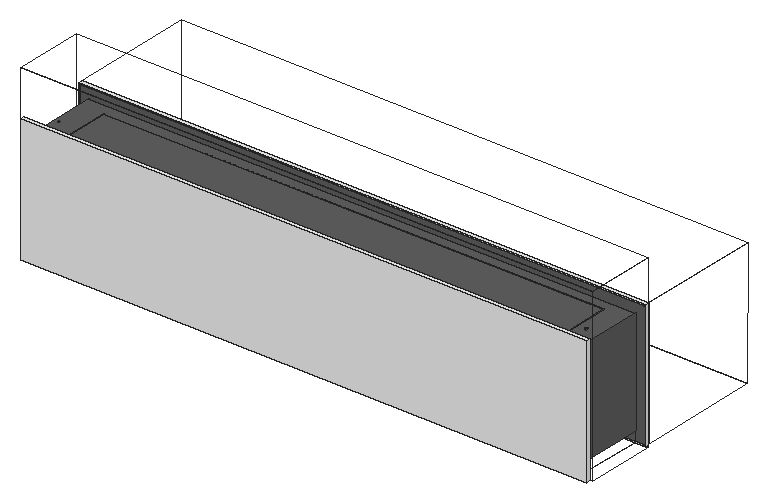
Revit family "AIRTECNICS_AIR CURTAIN_ZEN_DX_(MIDEA)123", category Mechanical Equipment, Revit 2016
Family settings
  Part Type = Normal
  Round Connector Dimension = Use Diameter
  OmniClass Number = 23.75.70.21.17
  OmniClass Title = Air Curtains
  Work Plane-Based = No
  Always vertical = Yes
  Cut with Voids When Loaded = No
  Shared = No
  Room Calculation Point = No
Parameters (values of type "ZEN ECG 2000 DX-MD")
  · POSITION · [instance] = "-/ Select Curtain Position /-"  # constant formula
  · PIPES POSITION · [instance] = "-/ Select Pipes Position /-"  # constant formula
  · OTHERS · [instance] = "-/ Select Supports - Inst.Maint. Space /-"  # constant formula
  · HEATING · [instance] = "-/ Select Heating /-"  # constant formula
  · EXTERNAL UNIT · [instance] = "-/ Select External Unit Type /-"  # constant formula
  · COIL ROWS · [instance] = "-/ Select DX Coil Rows /-"  # constant formula
  Weight [instance] = size_lookup(Name_Lookup_Data, "Weight", 1.00 kg, COD)  # 78.00 kg
  Voltage = 230 V  # constant formula
  URL_Manufacturer = "https://www.airtecnics.com/"
  URL_Datasheet = "https://www.airtecnics.com/download/file/5887/zen-dx-midea-1-1.pdf"
  Triple Phase (External Ut.) [instance] = yes
  Supports Length [instance] = 0.0 mm
  Supports (Horizontal) [instance] = if(and(Horizontal, Supports Length > 0.0 mm), 1 = 1, 1 = 0)  # no
  Single Phase (External Ut.) [instance] = not([Triple Phase (External Ut.)])  # no
  Revit Version = "Revit 2016 - English"  # constant formula
  Review Date = "10/2018"  # constant formula
  Remote Control = "AIR-IR"  # constant formula
  URL = "https://www.airtecnics.com/products/heat-pump-air-curtain-zen-dx-for-midea"
  Refrigerant Pipes_P4 [instance] = no
  Refrigerant Pipes_P3 [instance] = no
  Refrigerant Pipes_P2 [instance] = if(or(Refrigerant Pipes_P1, Refrigerant Pipes_P3, Refrigerant Pipes_P4), 1 = 0, 1 = 1)  # yes
  Refrigerant Pipes_P1 [instance] = no
  REF [instance] = if(DX 1:1, 1, 0) + if(L = 1000.0 mm, 10, 0) + if(L = 1500.0 mm, 20, 0) + if(L = 2000.0 mm, 40, 0) + if(L = 2500.0 mm, 80, 0) + if([DX Coil Rows = 3], 100, 0) + if([Triple Phase (External Ut.)], 1000, 0)  # 1041
  Product Size = if(L = 1000.0 mm, "1000", if(L = 1500.0 mm, "1500", if(L = 2000.0 mm, "2000", "2500")))  # "2000"
  Product Reference [instance] = size_lookup(Name_Lookup_Ref, "", "Consult Manufacturer", COD)  # "ZEN ECG 2000 DX22/2-MD"
  Product Heating [instance] = "Direct Expansion 1:1 system"  # constant formula
  Product Description [instance] = size_lookup(Name_Lookup_Data, "", "Consult Manufacturer", COD)  # "Decorative energy saving heat pump air curtain in contemporary architectural style: Up to 70% reduction in costs and CO2 emissions (heating mode).\r\nIts minimalist and smart design integrates in any environment and offers infinite options to customize.\r\nThe panels can include logos, lighting, signage, safety or information signs, graphics, pictures, clocks, all according to customer specifications.\r\nFront anodized aluminium panels. Optionally manufactured in brushed or mirror polished stainless steel. Other materials are possible, such as galvanized steel, smooth or texturated skinplate, wood, etc.\r\nCentral structure made of galvanized steel finished in black forge as standard. Other colours are available on request. \r\nAnodized aluminium outlet vanes, airfoil shaped, adjustable in both directions.\r\nDouble-inlet centrifugal fans driven by an external rotor motor and low noise level. 5-speed selector. EC models assembled with very low consumption efficiency fans. \r\nIncludes only heating direct expansion coil with installed temperature sensors.\r\nIncludes Plug&Play control with 7m RJ45 cable and infrared remote control. \r\nReady to connect to MIDEA Inverter outdoor heat pump unit (R410A) with expansion valve, not included, the customer should purchase it.\r\nRequires MIDEA DX Interface KIT adapted for air curtain and KJR-86C-E programmable control, please consult.\r\nAir Volume: 4380 m3/h \r\nFans:  0,426 kW  3,72 A 230Vx1 50/60Hz\r\nHeating capacity: 22,20 kW\r\nDimensions: 291x473x2120 mm (depth, height, length)\r\nNOT SUPPLIED BY AIRTÈCNICS:\r\nMIDEA Interface DX kit and KJR-86C-E programmable control.\r\nExternal unit:\r\nOption 1: 2x MOD30U-36HFN1-QRD0\r\nExternal unit with direct expansion valve Midea, single phase motor 230Vx1 50Hz.\r\nHeating capacity 11,1kW. Heating power: 2,9kW. SCOP 3,82.\r\nCooling capacity 10,5kW. Cooling power 3,95kW. SEER 2,65.\r\nCooling circuits 5/8\" - 3/8\".\r\nMaximum length 65m.\r\nDesnivell màxim 30m.\r\nOption 2: 2x MOD30U-36HFN1-RRD0\r\nExternal unit with direct expansion valve Midea, triple phase motor 400Vx3 50Hz.\r\nHeating capacity 11,1kW. Heating power: 2,9kW. SCOP 3,82.\r\nCooling capacity 10,5kW. Cooling power 3,95kW. SEER 2,65.\r\nCooling circuits 5/8\" - 3/8\".\r\nMaximum length 65m.\r\nDesnivell màxim 30m."
  Power Fans Factor [instance] = 0.5  # constant formula
  Power Fans [instance] = size_lookup(Name_Lookup_Data, "Power Fans", 1 kW, COD)  # 0.426 kW
  Noise Level (dB(A)) [instance] = size_lookup(Name_Lookup_Data, "Noise Level (dB(A))", 1, COD)  # 63
  Name_Lookup_Ref_EU = "ZEN_(DX MD)_Ref-EU_Lookup"  # constant formula
  Name_Lookup_Ref = "ZEN_(DX MD)_Ref_Lookup"  # constant formula
  Name_Lookup_Data = "ZEN_(DX MD)_Data_Lookup"  # constant formula
  Model = "Air Curtain ZEN DX MD"  # constant formula
  Material Panels [instance] = AIRTECNICS_Alumium Anodized
  Material Grille = AIRTECNICS_Perforated_Black Forge
  Material Curtain [instance] = AIRTECNICS_Black Forge
  Mainfolds [instance] = "5/8'' & 3/8''"  # constant formula
  Length = if(L = 1000.0 mm, 1220.0 mm, if(L = 1500.0 mm, 1620.0 mm, if(L = 2000.0 mm, 2120.0 mm, 2620.0 mm)))  # 2120.0 mm
  Height = 473.0 mm  # constant formula
  Gas Coil Volume [instance] = size_lookup(Name_Lookup_Data, "Gas Coil Volume", 1.00 L, COD)  # 4.10 L
  G = 1 = 1  # yes
  Frequency = 50 Hz  # constant formula
  Fans Stage = 5  # constant formula
  Family Version = "1.0"  # constant formula
  External Ut. Reference [instance] = size_lookup(Name_Lookup_Ref_EU, "", "Consult Manufacturer", REF)  # "2x MOD30U-36HFN1-RRD0"
  Expansion Valve [instance] = "Included on External Unit"  # constant formula
  EC = 1 = 1  # yes
  Dn_Metric_Refrig_Liquid = 10 mm
  Dn_Metric_Refrig_Gas = 16 mm
  Depth = 291.0 mm  # constant formula
  DX Kit [instance] = "Duct electronic Control Box"  # constant formula
  DX Controller [instance] = "KJR-86C-E"  # constant formula
  DX Coil Rows = 4 [instance] = yes
  DX Coil Rows = 3 [instance] = if([DX Coil Rows = 4], 1 = 0, 1 = 1)  # no
  DX 1:1 [instance] = yes
  Current Fans [instance] = size_lookup(Name_Lookup_Data, "Current Fans", 1 A, COD)  # 3.72 A
  Created by = "BIMETRICAL"  # constant formula
  Control [instance] = "CD-5AW-IR"  # constant formula
  Capacity_Frig_Liquid [instance] = 0.0 L/s
  Capacity_Frig_Gas [instance] = 0.0 L/s
  Cable = "CB7"  # constant formula
  COD [instance] = if(DX 1:1, 1, 0) + if(L = 1000.0 mm, 10, 0) + if(L = 1500.0 mm, 20, 0) + if(L = 2000.0 mm, 40, 0) + if(L = 2500.0 mm, 80, 0) + if([DX Coil Rows = 3], 100, 0)  # 41
  Aspiration/Maintenance Space [instance] = yes
  Apparent Load [instance] = size_lookup(Name_Lookup_Data, "Apparent Load", 1 VA, COD)  # 852 VA
  Airflow [instance] = size_lookup(Name_Lookup_Data, "Airflow", 1 m³/h, COD)  # 4380 m³/h
  A [instance] = if(Horizontal, 236.5 mm, 0.0 mm)  # 236.5 mm
  L = 2000.0 mm
  Type Image = <None>
  IfcExportType = "DXCOOLINGCOIL"  # constant formula
  IfcExportAs = "IfcCoilType"  # constant formula
  Horizontal [instance] = 1 = 1  # yes
  Manufacturer = "AIRTECNICS"  # constant formula
  Description = ""
  Type Comments = "Decorative air curtain in contemporary architectural style. Its minimalist and smart design integrates in any environment and offers infinite options to customize.\r\nThe panels can include logos, lighting, signage, safety or information signs, graphics, pictures, clocks, all according to customer specifications.\r\nFront anodized aluminium panels. Optionally manufactured in brushed or mirror polished stainless steel. Other materials are possible, such as galvanized steel, smooth or texturated skinplate, wood, etc.\r\nCentral structure made of galvanized steel finished in black forge as standard. Other colours are available on request.\r\nAnodized aluminium outlet vanes, airfoil shaped, adjustable in both directions.\r\nDouble-inlet centrifugal fans driven by an external rotor motor and low noise level. 5-speed selector. EC models assembled with very low consumption efficiency fans.\r\n“P” type with water heated coil. “E” type with electrical shielded elements, three stages with integrated regulation. “A” type without heating, air only. Optional expansion DX coil.\r\nIncludes Plug&Play control with 7m RJ45 cable and infrared remote control. Optional: Clever control (programmable, automatic, intelligent, energy saving, Modbus RTU for BMS…)"  # constant formula
  BIMETRICAL Category = "Coil"  # constant formula
  BIMETRICAL = "http://www.bimetrical.com"  # constant formula
  Angle [instance] = if(Horizontal, 0.00°, 90.00°)  # 0.00°
Reference planes
  plane 1 "Centro (Frontal/Posterior)": z = 0
  plane 2: y = 246.57
  plane 3 "Centro (Izquierda/Derecha)": x = 0
  plane 4 "Susp": z = 236.5
Lines and regions (mm)
  reference lines
    curve 1: line (0, 246.57, 236.5) -> (-145, 246.57, 236.5)
Dimensions and locks
  locked: plane 2 to nested 1 at 145.5
  "A": plane 4 "Susp" to plane 1 "Centro (Frontal/Posterior)"
  "Angle": angle plane 4 "Susp" to curve 1
  aligned and locked: plane 3 "Centro (Izquierda/Derecha)" to curve 1
  aligned and locked: plane 4 "Susp" to curve 1
Nested families
  nested 1: "GEOM_ZEN_(DX)" at (0, 246.57, 236.5) x (0, 0, -1) z (1, 0, 0), type "GEOM_ZEN_(P)"
    with M 2066.5 mm, J 1014.0 mm, G 1022.0 mm, Dn_Metric_Refrig_Liquid 10 mm, Dn_Metric_Refrig_Gas 16 mm, COD 424, L 2000.0 mm, I 2044.0 mm, F 1990.0 mm, E 2120.0 mm, A 2015.0 mm
Connectors
  electrical at (-1007.5, 215.07, 433), driven by "Apparent Load", driven by "Voltage", driven by "Power Fans Factor", driven by "Apparent Load"
    settings: on nested 1, index 3, voltage 230 V, apparent load 852 VA, apparent load phase1 852 VA, apparent load phase2 0 VA, apparent load phase3 0 VA, power factor 0.5, load classification "HVAC", number of poles 1, system type 30, power factor state 1, is connector primary yes, connector utility no, sub classification motor no, connector description ""
  piping at (967, 155.07, 433), diameter 16, driven by "Dn_Metric_Refrig_Gas", driven by "Capacity_Frig_Gas"
    settings: on nested 1, index 4, connector inside diameter 609.6 mm, connector length 0.0 mm, flow factor 0, pipe flow 0.0 L/s, pressure drop 0.0 Pa, fitting loss kfactor 0, connector angle 0.00°, fixture units 0, engagement length 0.0 mm, angle of deflection 0.00°, flow configuration 1, flow direction 1, fitting loss method 0, system type 7, joint type 0, gender type 0, connector reference index -1, connector utility 0, adjustable connector no, is connector primary yes, connector description "In"
  piping at (967, 215.07, 433), diameter 10, driven by "Dn_Metric_Refrig_Liquid", driven by "Capacity_Frig_Liquid"
    settings: on nested 1, index 5, connector inside diameter 609.6 mm, connector length 0.0 mm, flow factor 0, pipe flow 0.0 L/s, pressure drop 0.0 Pa, fitting loss kfactor 0, connector angle 0.00°, fixture units 0, engagement length 0.0 mm, angle of deflection 0.00°, flow configuration 1, flow direction 2, fitting loss method 0, system type 8, joint type 0, gender type 0, connector reference index -1, connector utility 0, adjustable connector no, is connector primary no, connector description "Out"
Definition of nested family "GEOM_ZEN_(DX)"
  Parameters (values of type "GEOM_ZEN_(DX)")
    des.D = if(or(and(Vertical Right, V1), Horizontal), 361.0 mm, 0.0 mm)  # 361.0 mm
    des.C = if(or(and(Vertical Right, V1), Horizontal), 0.0 mm, 392.0 mm)  # 0.0 mm
    des.B = if(or(and(Vertical Right, V1), Horizontal), 0.0 mm, 298.3 mm)  # 0.0 mm
    Z = if(Horizontal, 0.0 mm, if(L = 1000.0 mm, E / 2 + 18.0 mm, E / 2 + 20.0 mm))  # 830.0 mm
    Vsup1 = if(and(Vsup, Horizontal, L_Sup > 0.0 mm), 1 = 1, 1 = 0)  # no
    Vsup = no
    Vs2 = if(L > 2000.0 mm, 1 = 1, 1 = 0)  # no
    Vs1 = if(L > 1000.0 mm, 1 = 1, 1 = 0)  # yes
    Vinst2 = if(or(Vinst1, not([Aspiration/Maintenance Space])), 1 = 0, 1 = 1)  # yes
    Vinst1 = if(and([Aspiration/Maintenance Space], V2), 1 = 1, 1 = 0)  # no
    Vertical Right = yes
    Vertical Left = if(Vertical Right, 1 = 0, 1 = 1)  # no
    Vertical = if(and(not(Horizontal), or(Vertical Right, Vertical Left)), 1 = 1, 1 = 0)  # yes
    V2 = if(Horizontal, 1 = 0, if(or(Horizontal, Vertical Left), 1 = 1, 1 = 0))  # no
    V1 = if(Horizontal, 1 = 1, if(and(Vertical Right, Vertical), 1 = 1, 1 = 0))  # yes
    Revit Version = "Revit 2016 - English"  # constant formula
    Review Date = "10/18"  # constant formula
    Refrigerant Pipes_P4 = no
    Refrigerant Pipes_P3 = no
    Refrigerant Pipes_P2 = yes
    Refrigerant Pipes_P1 = no
    O = if(L = 1000.0 mm, 54.5 mm, 52.5 mm)  # 52.5 mm
    Model = "ZEN DX"  # constant formula
    Material Perforated = none
    Material Panels = none
    Material Curtain = none
    Family Version = "2.0"  # constant formula
    Manufacturer = "AIRTECNICS"  # constant formula
    M = if(L = 1000.0 mm, L + 162.5 mm, L + 66.5 mm)  # 1566.5 mm
    Lookup_Dimensions.C2_Name = "C2_Dimensions_Lookup"  # constant formula
    Lookup_Dimensions.C1_Name = "C1_Dimensions_Lookup"  # constant formula
    L_Sup = 0.0 mm
    K = if(L = 2500.0 mm, 833.0 mm, 0.0 mm)  # 0.0 mm
    J = if(L = 1500.0 mm, 764.0 mm, if(L = 2000.0 mm, 1014.0 mm, if(L = 2500.0 mm, 847.0 mm, 573.5 mm)))  # 764.0 mm
    H = des.A + 51.0 mm  # 428.5 mm
    G = if(Vertical, I + 58.0 mm, F / 2 + 27.0 mm)  # 1602.0 mm
    Dn_Metric_Refrig_Liquid = 20 mm
    Dn_Metric_Refrig_Gas = 20 mm
    Created by = "BIMETRICAL"  # constant formula
    COD = if(and(Vertical Right, Vertical), 1, 0) + if(and(Vertical Left, Vertical), 2, 0) + if(Horizontal, 4, 0) + if(Refrigerant Pipes_P1, 10, 0) + if(Refrigerant Pipes_P2, 20, 0) + if(Refrigerant Pipes_P3, 40, 0) + if(Refrigerant Pipes_P4, 80, 0) + if(L = 1000.0 mm, 100, 0) + if(L = 1500.0 mm, 200, 0) + if(L = 2000.0 mm, 400, 0) + if(L = 2500.0 mm, 800, 0)  # 221
    C2_D = size_lookup(Lookup_Dimensions.C2_Name, "C2_D", 98.0 mm, COD)  # 98.0 mm
    C2_C = size_lookup(Lookup_Dimensions.C2_Name, "C2_C", 34.5 mm, COD)  # 34.5 mm
    C2_B = size_lookup(Lookup_Dimensions.C2_Name, "C2_B", 34.5 mm, COD)  # 34.5 mm
    C2_A = size_lookup(Lookup_Dimensions.C2_Name, "C2_A", 55.0 mm, COD)  # 55.0 mm
    C1_D = size_lookup(Lookup_Dimensions.C1_Name, "C1_D", 38.0 mm, COD)  # 38.0 mm
    C1_C = size_lookup(Lookup_Dimensions.C1_Name, "C1_C", 34.5 mm, COD)  # 34.5 mm
    C1_B = size_lookup(Lookup_Dimensions.C1_Name, "C1_B", 34.5 mm, COD)  # 34.5 mm
    C1_A = size_lookup(Lookup_Dimensions.C1_Name, "C1_A", 55.0 mm, COD)  # 55.0 mm
    L = 1500.0 mm
    des.A = if(or(and(Vertical Right, V1), Horizontal), 377.5 mm, 0.0 mm)  # 377.5 mm
    I = if(L = 1000.0 mm, L + 140.0 mm, L + 44.0 mm)  # 1544.0 mm
    Horizontal = no
    F = I - 54.0 mm  # 1490.0 mm
    E = if(L = 1000.0 mm, L + 220.0 mm, L + 120.0 mm)  # 1620.0 mm
    Default Elevation = 1219.2 mm
    BIMETRICAL = "http://www.bimetrical.com/"  # constant formula
    Aspiration/Maintenance Space = yes
    A.Conn_S = if(or(and(Vertical Right, V1), Horizontal), 180.00°, 0.00°)  # 180.00°
    A.Conn_E = if(or(and(Vertical Right, V1), Horizontal), 180.00°, 0.00°)  # 180.00°
    A.Conn_2 = size_lookup(Lookup_Dimensions.C2_Name, "A.Conn_2", 0.00°, COD)  # 0.00°
    A.Conn_1 = size_lookup(Lookup_Dimensions.C1_Name, "A.Conn_1", 0.00°, COD)  # 0.00°
    A = if(L = 1000.0 mm, L + 115.0 mm, L + 15.0 mm)  # 1515.0 mm
  Types (2, lengths in mm): name | Z | Vertical Right | Vertical Left | Vertical | G | COD | Horizontal
    GEOM_ZEN_(DX) | 830.0 | yes | no | yes | 1602.0 | 221 | no
    GEOM_ZEN_(P) | 0.0 | no | yes | no | 772.0 | 224 | yes
  Reference planes
    plane 1 "Centro (Frontal/Posterior)": y = 0
    plane 2: z = 0
    plane 3 "Centro (Izquierda/Derecha)": x = 0
    plane 4: z = 830
    plane 5: y = -73.25
    plane 6: x = -196.5
    plane 7: z = 1547
    plane 8 "TUBERIA 1": y = -91.5
    plane 9: z = 1602
    plane 10 "TUBERIA 2": x = -162
    plane 11: x = -196.5
    plane 12: y = -129.5
    plane 13: x = 181
    plane 14: x = 196.495
    plane 15: x = -162
    plane 16: z = 1547
    plane 17: y = -31.5
    plane 18: z = 2639.027
    plane 19: z = 20
    plane 20: z = 1639
    plane 21: z = 838
    plane 22: z = 838
    plane 23: z = 72.5
    plane 24: y = -31.5
    plane 25: y = -91.5
  Forms (mm)
    Extrusion 1, solid
      sketch origin (0, 0, 0) x (1, 0, 0) y (0, 1, 0)
        loop
          line (-1219.2, 1219.2) -> (-1219.2, -1219.2) -> (1219.2, -1219.2) -> (1219.2, 1219.2) -> (-1219.2, 1219.2)
      from 0 to -304.8
    Extrusion 2, solid, material <- "Material Panels"
      sketch origin (0, 0, 889.252) x (0, -1, 0) y (1, 0, 0)
        loop
          line (-145.5, 236.5) -> (-145.5, -236.5) -> (-129.5, -236.5) -> (-129.5, 236.5) -> (-145.5, 236.5)
        loop
          line (145.5, 236.5) -> (129.5, 236.5) -> (129.5, -236.5) -> (145.5, -236.5) -> (145.5, 236.5)
      from -869.252 to 750.748
    Extrusion 3, solid, material <- "Material Curtain"
      sketch origin (0, 0, 889.252) x (0, -1, 0) y (0, 0, 1)
        loop
          line (-129.5, 712.748) -> (-129.5, -831.252) -> (129.5, -831.252) -> (129.5, 712.748) -> (-129.5, 712.748)
      from -196.5 to 196.5
    Extrusion 4, void, detail levels medium+fine
      sketch origin (-64.7, -73.5, 0) x (1, 0, 0) y (0, 1, 0)
        loop
          line (261.195, -34.75) -> (261.195, 35.25) -> (245.7, 35.25) -> (245.7, -34.75) -> (261.195, -34.75)
      from 85 to 1575
    Extrusion 5, solid, visible <- "V1", detail levels medium+fine
      sketch origin (0, 0, 1310) x (0, -1, 0) y (-1, 0, 0)
        loop
          line (58.464, -173.27) -> (61.756, -192)
          arc (61.756, -192) -> (63.451, -193.452) -> (65.121, -191.97) r 1.698
          line (65.121, -191.97) -> (68.095, -172.627)
          arc (68.095, -172.627) -> (62.951, -168.018) -> (58.464, -173.27) r 4.828
        loop
          line (78.553, -172.822) -> (81.504, -192.726)
          arc (81.504, -192.726) -> (83.138, -193.439) -> (84.08, -191.926) r 1.363
          line (84.08, -191.926) -> (87.529, -172.626)
          arc (87.529, -172.626) -> (82.938, -168.001) -> (78.553, -172.822) r 4.495
      from -265 to 1225
    Extrusion 6, solid, visible <- "V2", detail levels medium+fine
      sketch origin (0, 0, 1310) x (0, 1, 0) y (1, 0, 0)
        loop
          arc (-58.774, -173.603) -> (-59.776, -170.312) -> (-62.811, -168.693) r 4.495
          line (-62.811, -168.693) -> (-63.684, -168.693)
          arc (-63.684, -168.693) -> (-66.482, -170.045) -> (-67.734, -172.889) r 4.495
          line (-67.734, -172.889) -> (-64.759, -192.231)
          arc (-64.759, -192.231) -> (-63.451, -193.452) -> (-62.062, -192.325) r 1.363
          line (-62.062, -192.325) -> (-58.774, -173.603)
        loop
          arc (-84.395, -192.262) -> (-83.058, -193.451) -> (-81.696, -192.291) r 1.363
          line (-81.696, -192.291) -> (-78.88, -173.603)
          arc (-78.88, -173.603) -> (-79.882, -170.312) -> (-82.917, -168.693) r 4.495
          line (-82.917, -168.693) -> (-83.79, -168.693)
          arc (-83.79, -168.693) -> (-86.614, -170.073) -> (-87.844, -172.966) r 4.495
          line (-87.844, -172.966) -> (-84.395, -192.262)
      from -265 to 1225
    Extrusion 7, solid, material <- "Material Curtain", visible <- "Vertical"
      sketch origin (-779.074, -4572, 1549) x (-1, 0, 0) y (0, -1, 0)
        loop
          line (-586.574, -4698.5) -> (-586.574, -4445.5) -> (-971.574, -4445.5) -> (-971.574, -4698.5) -> (-586.574, -4698.5)
      from -1491 to -1549
    Extrusion 8, void
      sketch origin (0, 0, 0) x (1, 0, 0) y (0, 1, 0)
        loop
          line (-235.5, -129.5) -> (-235.5, -130.5) -> (235.5, -130.5) -> (235.5, -129.5) -> (-235.5, -129.5)
        loop
          line (-235.5, 129.5) -> (235.5, 129.5) -> (235.5, 130.5) -> (-235.5, 130.5) -> (-235.5, 129.5)
      from 21.044 to 1639.012
    Extrusion 9, void, detail levels medium+fine
      sketch origin (0, -0.321, 0) x (0, 1, 0) y (0, 0, 1)
        loop
          line (-102.318, 1514.4) -> (-102.318, 145.6) -> (90.521, 145.6) -> (90.521, 1514.4) -> (-102.318, 1514.4)
      from -101.8 to -196.5
    Extrusion 10, solid, material <- "Material Perforated"
      sketch origin (-60, 0, 0) x (0, 1, 0) y (0, 0, 1)
        loop
          line (-102.639, 1514.4) -> (-102.639, 145.6) -> (90.2, 145.6) -> (90.2, 1514.4) -> (-102.639, 1514.4)
      from -136.5 to -135.5
    Extrusion 11, solid, detail levels medium+fine
      sketch origin (-64.7, -73.5, 1575) x (0, 1, 0) y (1, 0, 0)
        loop
          line (16.25, 261.2) -> (-15.75, 261.2) -> (-15.75, 229.2) -> (16.25, 229.2) -> (16.25, 261.2)
      from 0 to 3
    Extrusion 12, solid, detail levels medium+fine
      sketch origin (-64.7, -73.5, 85) x (1, 0, 0) y (0, 1, 0)
        loop
          line (229.2, 16.25) -> (229.2, -15.75) -> (261.2, -15.75) -> (261.2, 16.25) -> (229.2, 16.25)
      from 0 to 3
    Extrusion 13, solid, visible <- "Vs1", detail levels medium+fine
      sketch origin (0, -702.852, 838) x (0, -1, 0) y (1, 0, 0)
        loop
          line (-645.602, 164.5) -> (-613.602, 164.5) -> (-613.602, 196.5) -> (-645.602, 196.5) -> (-645.602, 164.5)
      from 0 to -3
    Extrusion 14, solid, material <- "Material Curtain", visible <- "Vs1", detail levels medium+fine
      sketch origin (0, -702.852, 835) x (1, 0, 0) y (0, -1, 0)
        loop
          line (196.5, -664.602) -> (196.5, -594.602) -> (164.5, -594.602) -> (164.5, -664.602) -> (196.5, -664.602)
      from 0 to 10
    Extrusion 15, solid, visible <- "Vs1", detail levels medium+fine
      sketch origin (0, -702.852, 825) x (0, 1, 0) y (1, 0, 0)
        loop
          line (645.602, 164.5) -> (645.602, 196.5) -> (613.602, 196.5) -> (613.602, 164.5) -> (645.602, 164.5)
      from 0 to 3
    Extrusion 16, solid, visible <- "Vs2", detail levels medium+fine
      sketch origin (0, -702.852, 838) x (0, -1, 0) y (1, 0, 0)
        loop
          line (-645.602, 164.5) -> (-613.602, 164.5) -> (-613.602, 196.5) -> (-645.602, 196.5) -> (-645.602, 164.5)
      from 0 to -3
    Extrusion 17, solid, material <- "Material Curtain", visible <- "Vs2", detail levels medium+fine
      sketch origin (0, -702.852, 835) x (1, 0, 0) y (0, -1, 0)
        loop
          line (164.5, -664.602) -> (196.5, -664.602) -> (196.5, -594.602) -> (164.5, -594.602) -> (164.5, -664.602)
      from 0 to 10
    Extrusion 18, solid, visible <- "Vs2", detail levels medium+fine
      sketch origin (0, -702.852, 825) x (0, 1, 0) y (1, 0, 0)
        loop
          line (645.602, 164.5) -> (645.602, 196.5) -> (613.602, 196.5) -> (613.602, 164.5) -> (645.602, 164.5)
      from 0 to 3
    Extrusion 19, solid, material <- "Material Curtain"
      sketch origin (-196.5, -31.5, 72.5) x (0, 0, 1) y (0, 1, 0)
        loop
          line (2.5, -2.5) -> (2.5, 2.5) -> (-2.5, 2.5) -> (-2.5, -2.5) -> (2.5, -2.5)
      from 0 to -1
    Extrusion 20, solid, visible <- "Vsup1"
      sketch origin (-196.5, -101, 1255.5) x (0, 0, 1) y (0, 1, 0)
        loop
          circle (332, 202) r 4
        loop
          circle (332, 0) r 4
        loop
          circle (-1183, 0) r 4
        loop
          circle (-1183, 202) r 4
      from -1 to 0
    Extrusion 21, solid, visible <- "Vinst2"
      sketch origin (0, -31.5, 92.379) x (0, 0, 1) y (1, 0, 0)
        loop
          line (1509.621, 236.5) -> (1509.621, -196.5) -> (-34.379, -196.5) -> (-34.379, 236.5) -> (-82.379, 236.5) -> (-82.379, -398.063) -> (1557.621, -398.063) -> (1557.621, 236.5) -> (1509.621, 236.5)
      from -98 to 161
    Extrusion 22, solid, visible <- "Vinst1"
      sketch origin (0, -31.5, 92.379) x (0, 0, 1) y (1, 0, 0)
        loop
          line (1509.621, -236.5) -> (1557.621, -236.5) -> (1557.621, 398.063) -> (-82.379, 398.063) -> (-82.379, -236.5) -> (-34.379, -236.5) -> (-34.379, 196.5) -> (1509.621, 196.5) -> (1509.621, -236.5)
      from -98 to 161
    Extrusion 23, solid, visible <- "Aspiration/Maintenance Space"
      sketch origin (0, 0, 1640) x (0, -1, 0) y (1, 0, 0)
        loop
          line (-129.5, 236.5) -> (-609.5, 236.5) -> (-609.5, -236.5) -> (-129.5, -236.5) -> (-129.5, 236.5)
      from 0 to -1620
    Extrusion 24, solid, material <- "Material Curtain"
      sketch origin (-196.5, -31.5, 1547) x (0, 1, 0) y (0, 0, -1)
        loop
          circle (0, 0) r 10
      from 0 to -1
    Extrusion 25, solid, material <- "Material Curtain"
      sketch origin (-196.5, -91.5, 1547) x (0, 1, 0) y (0, 0, -1)
        loop
          circle (0, 0) r 10
      from 0 to -1
    Extrusion 26, solid, material <- "Material Curtain"
      sketch origin (0, 0, 1639.012) x (0, 1, 0) y (1, 0, 0)
        loop
          line (130.5, 235.5) -> (129.5, 235.5) -> (129.5, -235.5) -> (130.5, -235.5) -> (130.5, 235.5)
        loop
          line (-129.5, 235.5) -> (-130.5, 235.5) -> (-130.5, -235.5) -> (-129.5, -235.5) -> (-129.5, 235.5)
      from 0 to 1617.967
  Cuts and joins
    Extrusion 4, Extrusion 8 cuts Extrusion 2
    Extrusion 4, Extrusion 9 cuts Extrusion 3
  Lines and regions (mm)
    reference lines
      curve 1: line (-162, -31.5, 1547) -> (-196.5, -31.5, 1547)
      curve 2: line (-196.5, -31.5, 72.5) -> (0, -31.5, 72.5)
      curve 3: line (-196.5, -101, 1255.5) -> (0, -101, 1255.5)
      curve 83: line (-162, -91.5, 1547) -> (-196.5, -91.5, 1547)
    symbolic lines
      curve 4: line (-236.5, 145.5, 1255.5) -> (236.5, 145.5, 1255.5)
      curve 5: line (-236.5, 129.5, 1255.5) -> (-236.5, 145.5, 1255.5)
      curve 6: line (236.5, 129.5, 1255.5) -> (-236.5, 129.5, 1255.5)
      curve 7: line (236.5, 145.5, 1255.5) -> (236.5, 129.5, 1255.5)
      curve 8: line (-196.5, 129.5, 1255.5) -> (196.5, 129.5, 1255.5)
      curve 9: line (-196.5, -129.5, 1255.5) -> (-196.5, 129.5, 1255.5)
      curve 10: line (196.5, -129.5, 1255.5) -> (-196.5, -129.5, 1255.5)
      curve 11: line (196.5, 129.5, 1255.5) -> (196.5, -129.5, 1255.5)
      curve 12: line (-236.5, -145.5, 1255.5) -> (236.5, -145.5, 1255.5)
      curve 13: line (-236.5, -129.5, 1255.5) -> (-236.5, -145.5, 1255.5)
      curve 14: line (236.5, -129.5, 1255.5) -> (-236.5, -129.5, 1255.5)
      curve 15: line (236.5, -145.5, 1255.5) -> (236.5, -129.5, 1255.5)
      curve 16: line (0, 145.5, 1640) -> (0, 129.5, 1640)
      curve 17: line (0, 145.5, 20) -> (0, 145.5, 1640)
      curve 18: line (0, 129.5, 20) -> (0, 145.5, 20)
      curve 19: line (0, 129.5, 1640) -> (0, 129.5, 20)
      curve 20: line (0, -145.5, 1640) -> (0, -129.5, 1640)
      curve 21: line (0, -145.5, 20) -> (0, -145.5, 1640)
      curve 22: line (0, -129.5, 20) -> (0, -145.5, 20)
      curve 23: line (0, -129.5, 1640) -> (0, -129.5, 20)
      curve 24: line (0, -129.5, 1602) -> (0, 129.5, 1602)
      curve 25: line (0, -129.5, 58) -> (0, -129.5, 1602)
      curve 26: line (0, 129.5, 58) -> (0, -129.5, 58)
      curve 27: line (0, 129.5, 1602) -> (0, 129.5, 58)
      curve 70: line (0, -58.444, 1575) -> (0, -68.095, 1575)
      curve 71: line (0, -58.444, 85) -> (0, -58.444, 1575)
      curve 72: line (0, -68.095, 85) -> (0, -58.444, 85)
      curve 73: line (0, -68.095, 1575) -> (0, -68.095, 85)
      curve 74: line (0, -78.541, 1575) -> (0, -87.838, 1575)
      curve 75: line (0, -78.541, 85) -> (0, -78.541, 1575)
      curve 76: line (0, -87.838, 85) -> (0, -78.541, 85)
      curve 77: line (0, -87.838, 1575) -> (0, -87.838, 85)
    symbolic lines, visible <- "Vertical"
      curve 28: line (0, 126.5, 0) -> (0, -126.5, 0)
      curve 29: line (0, 126.5, 58) -> (0, 126.5, 0)
      curve 30: line (0, -126.5, 58) -> (0, 126.5, 58)
      curve 31: line (0, -126.5, 0) -> (0, -126.5, 58)
    symbolic lines, visible <- "Aspiration/Maintenance Space"
      curve 32: line (-236.5, 129.5, 1255.5) -> (236.5, 129.5, 1255.5)
      curve 33: line (-236.5, 609.5, 1255.5) -> (-236.5, 129.5, 1255.5)
      curve 34: line (236.5, 609.5, 1255.5) -> (-236.5, 609.5, 1255.5)
      curve 35: line (236.5, 129.5, 1255.5) -> (236.5, 609.5, 1255.5)
      curve 44: line (0, 129.5, 1640) -> (0, 609.5, 1640)
      curve 45: line (0, 129.5, 20) -> (0, 129.5, 1640)
      curve 46: line (0, 609.5, 20) -> (0, 129.5, 20)
      curve 47: line (0, 609.5, 1640) -> (0, 609.5, 20)
    symbolic lines, visible <- "Vinst1"
      curve 36: line (196.5, 129.5, 1255.5) -> (398.063, 129.5, 1255.5)
      curve 37: line (196.5, -129.5, 1255.5) -> (196.5, 129.5, 1255.5)
      curve 38: line (398.063, -129.5, 1255.5) -> (196.5, -129.5, 1255.5)
      curve 39: line (398.063, 129.5, 1255.5) -> (398.063, -129.5, 1255.5)
      curve 48: line (-236.5, -31.5, 1650) -> (398.063, -31.5, 1650)
      curve 49: line (398.063, -31.5, 1650) -> (398.063, -31.5, 10)
      curve 50: line (398.063, -31.5, 10) -> (-236.5, -31.5, 10)
      curve 84: line (-236.5, -91.5, 1640) -> (-236.5, -91.5, 1650)
      curve 85: line (-236.5, -91.5, 10) -> (-236.5, -91.5, 20)
    symbolic lines, visible <- "Vinst2"
      curve 40: line (-398.063, 129.5, 1255.5) -> (-196.5, 129.5, 1255.5)
      curve 41: line (-398.063, -129.5, 1255.5) -> (-398.063, 129.5, 1255.5)
      curve 42: line (-196.5, -129.5, 1255.5) -> (-398.063, -129.5, 1255.5)
      curve 43: line (-196.5, 129.5, 1255.5) -> (-196.5, -129.5, 1255.5)
      curve 51: line (236.5, -31.5, 10) -> (-398.063, -31.5, 10)
      curve 52: line (-398.063, -31.5, 10) -> (-398.063, -31.5, 1650)
      curve 53: line (-398.063, -31.5, 1650) -> (236.5, -31.5, 1650)
      curve 78: line (236.5, -31.5, 10) -> (236.5, -31.5, 20)
      curve 86: line (236.5, -91.5, 2650) -> (236.5, -91.5, 2642)
      curve 87: line (236.5, -91.5, 1640) -> (236.5, -91.5, 1650)
    symbolic lines, visible <- "V2"
      curve 54: arc (-173.603, -58.774, 1255.5) -> (-168.686, -62.891, 1255.5) -> (-172.889, -67.734, 1255.5) r 4.495
      curve 55: arc (-192.231, -64.759, 1255.5) -> (-193.452, -63.451, 1255.5) -> (-192.325, -62.062, 1255.5) r 1.363
      curve 56: arc (-173.494, -78.864, 1255.5) -> (-168.679, -83.098, 1255.5) -> (-172.998, -87.838, 1255.5) r 4.495
      curve 57: arc (-192.262, -84.395, 1255.5) -> (-193.451, -83.058, 1255.5) -> (-192.291, -81.696, 1255.5) r 1.363
      curve 58: line (-172.889, -67.734, 1255.5) -> (-192.231, -64.759, 1255.5)
      curve 59: line (-192.325, -62.062, 1255.5) -> (-173.603, -58.774, 1255.5)
      curve 60: line (-172.998, -87.838, 1255.5) -> (-192.262, -84.395, 1255.5)
      curve 61: line (-192.291, -81.696, 1255.5) -> (-173.494, -78.864, 1255.5)
    symbolic lines, visible <- "V1"
      curve 62: arc (173.27, -58.464, 1255.5) -> (168.018, -62.951, 1255.5) -> (172.627, -68.095, 1255.5) r 4.828
      curve 63: arc (191.97, -65.121, 1255.5) -> (193.452, -63.451, 1255.5) -> (192, -61.756, 1255.5) r 1.698
      curve 64: arc (172.822, -78.553, 1255.5) -> (168.001, -82.938, 1255.5) -> (172.626, -87.529, 1255.5) r 4.495
      curve 65: arc (191.926, -84.08, 1255.5) -> (193.439, -83.138, 1255.5) -> (192.726, -81.504, 1255.5) r 1.363
      curve 66: line (172.627, -68.095, 1255.5) -> (191.97, -65.121, 1255.5)
      curve 67: line (192, -61.756, 1255.5) -> (173.27, -58.464, 1255.5)
      curve 68: line (172.626, -87.529, 1255.5) -> (191.926, -84.08, 1255.5)
      curve 69: line (192.726, -81.504, 1255.5) -> (172.822, -78.553, 1255.5)
    symbolic lines, visible <- "Vsup1"
      curve 79: circle (0, 101, 1587.5) r 4 normal (1, 0, 0)
      curve 80: circle (0, -101, 1587.5) r 4 normal (1, 0, 0)
      curve 81: circle (0, 101, 72.5) r 4 normal (1, 0, 0)
      curve 82: circle (0, -101, 72.5) r 4 normal (1, 0, 0)
  Dimensions and locks
    Extrusion 2 sketch curve to Extrusion 2 sketch curve = 473.0 mm  (x2)
    Extrusion 3 sketch curve to Extrusion 3 sketch curve = 1544.0 mm
    locked: Extrusion 3 to Extrusion 3 at 393
    "E": Extrusion 2 to Extrusion 2
    equal spacing: Extrusion 2, plane 4, Extrusion 2
    equal spacing: Extrusion 3, plane 4, Extrusion 3
    "I": Extrusion 3 to Extrusion 3
    locked: Extrusion 2 to Extrusion 2 at 473
    locked: Extrusion 2 to Extrusion 2 at 16  (x2)
    locked: Extrusion 2 to Extrusion 2 at 291
    "Z": plane 4 to level
    equal spacing: Extrusion 2, plane 3 "Centro (Izquierda/Derecha)", Extrusion 2
    equal spacing: Extrusion 3, plane 3 "Centro (Izquierda/Derecha)", Extrusion 3
    equal spacing: Extrusion 2, plane 1 "Centro (Frontal/Posterior)", Extrusion 2
    locked: plane 1 "Centro (Frontal/Posterior)" to plane 5 at 73.25
    equal spacing: Extrusion 6, plane 4, Extrusion 6
    "F": Extrusion 6 to Extrusion 6
    "C1_A": plane 9 to plane 7
    locked: plane 3 "Centro (Izquierda/Derecha)" to plane 11 at 196.5
    "C1_B": plane 11 to plane 10 "TUBERIA 2"
    locked: plane 1 "Centro (Frontal/Posterior)" to plane 12 at 129.5
    "G": plane 9 to level
    locked: plane 13 to plane 14 at 15.495
    locked: Extrusion 4 sketch curve to Extrusion 4 sketch curve at 70
    equal spacing: Extrusion 4 sketch curve, plane 5, Extrusion 4 sketch curve
    locked: Extrusion 7 to Extrusion 7 at 58
    locked: plane 11 to Extrusion 5 sketch curve at 364.507
    locked: plane 11 to Extrusion 5 sketch curve at 364.5
    locked: plane 11 to Extrusion 5 sketch curve at 389.952
    locked: plane 11 to Extrusion 5 sketch curve at 390
    "C2_B": plane 11 to plane 15
    "C2_A": plane 9 to plane 16
    "C2_D": plane 17 to plane 12
    "C2_C": curve 1 to curve 1
    locked: cut or joined group of Extrusion 2, Extrusion 4, Extrusion 8 to Extrusion 8 sketch curve at 1
    locked: Extrusion 8 sketch curve to cut or joined group of Extrusion 2, Extrusion 4, Extrusion 8 at 1
    plane 18 to cut or joined group of Extrusion 2, Extrusion 4, Extrusion 8 = 999.027 mm
    equal spacing: Extrusion 7, plane 1 "Centro (Frontal/Posterior)", Extrusion 7
    locked: Extrusion 7 to Extrusion 7 at 253
    equal spacing: Extrusion 7, plane 3 "Centro (Izquierda/Derecha)", Extrusion 7
    locked: Extrusion 7 to Extrusion 7 at 385
    locked: Extrusion 9 sketch curve to plane 9 at 87.6
    locked: Extrusion 9 sketch curve to cut or joined group of Extrusion 3, Extrusion 4, Extrusion 9 at 87.6
    locked: Extrusion 9 to Extrusion 9 at 94.7
    "des.B": plane 11 to Extrusion 9
    locked: Extrusion 10 to Extrusion 10 at 1
    "des.C": plane 11 to Extrusion 10
    locked: plane 9 to plane 20 at 37
    locked: cut or joined group of Extrusion 3, Extrusion 4, Extrusion 9 to plane 1 "Centro (Frontal/Posterior)" at 90.2
    locked: cut or joined group of Extrusion 3, Extrusion 4, Extrusion 9 to plane 1 "Centro (Frontal/Posterior)" at 102.639
    locked: Extrusion 11 sketch curve to Extrusion 11 sketch curve at 32  (x2)
    locked: Extrusion 11 sketch curve to plane 5 at 16
    locked: Extrusion 11 to cut or joined group of Extrusion 3, Extrusion 4, Extrusion 9 at 3
    locked: Extrusion 12 sketch curve to Extrusion 12 sketch curve at 32  (x2)
    locked: plane 5 to Extrusion 12 sketch curve at 16
    locked: cut or joined group of Extrusion 3, Extrusion 4, Extrusion 9 to Extrusion 12 at 3
    "des.D": cut or joined group of Extrusion 3, Extrusion 4, Extrusion 9 to Extrusion 11 sketch curve
    "des.D": plane 11 to Extrusion 12 sketch curve
    plane 9 to plane 4 to cut or joined group of Extrusion 3, Extrusion 4, Extrusion 9 = 772.0 mm, 772.0 mm
    "J": plane 9 to plane 21
    locked: Extrusion 13 sketch curve to Extrusion 13 sketch curve at 32  (x2)
    locked: plane 5 to Extrusion 13 sketch curve at 16
    locked: Extrusion 13 to plane 21 at 3
    "des.D": plane 11 to Extrusion 13 sketch curve
    locked: Extrusion 14 sketch curve to Extrusion 14 sketch curve at 32
    locked: Extrusion 14 sketch curve to plane 5 at 35
    locked: Extrusion 14 sketch curve to Extrusion 14 sketch curve at 70
    locked: Extrusion 14 to Extrusion 14 at 10
    locked: Extrusion 15 sketch curve to Extrusion 15 sketch curve at 32  (x2)
    locked: Extrusion 15 sketch curve to plane 5 at 16
    locked: Extrusion 15 to Extrusion 14 at 3
    locked: Extrusion 16 sketch curve to Extrusion 16 sketch curve at 32  (x2)
    locked: plane 5 to Extrusion 16 sketch curve at 16
    "des.D": plane 11 to Extrusion 16 sketch curve
    locked: Extrusion 16 to plane 22 at 3
    locked: Extrusion 17 sketch curve to Extrusion 17 sketch curve at 32
    locked: plane 5 to Extrusion 17 sketch curve at 35
    locked: Extrusion 17 sketch curve to Extrusion 17 sketch curve at 70
    locked: Extrusion 17 to Extrusion 17 at 10
    locked: Extrusion 18 to Extrusion 18 at 3
    "K": plane 21 to plane 22
    locked: plane 24 to cut or joined group of Extrusion 2, Extrusion 4, Extrusion 8 at 177
    locked: curve 2 to curve 2 at 196.5
    "M": plane 23 to plane 20
    "L_Sup": Extrusion 20 to cut or joined group of Extrusion 3, Extrusion 4, Extrusion 9
    cut or joined group of Extrusion 2, Extrusion 4, Extrusion 8 to Extrusion 20 sketch curve = 44.5 mm
    locked: Extrusion 20 sketch curve to cut or joined group of Extrusion 2, Extrusion 4, Extrusion 8 at 44.5  (x2)
    locked: cut or joined group of Extrusion 2, Extrusion 4, Extrusion 8 to Extrusion 20 sketch curve at 44.5
    locked: Extrusion 21 sketch curve to Extrusion 21 sketch curve at 48  (x2)
    locked: Extrusion 21 sketch curve to Extrusion 21 sketch curve at 634.563  (x2)
    locked: Extrusion 21 sketch curve to Extrusion 21 sketch curve at 201.563
    locked: Extrusion 22 sketch curve to Extrusion 22 sketch curve at 48  (x2)
    locked: Extrusion 22 sketch curve to Extrusion 22 sketch curve at 634.563  (x2)
    locked: Extrusion 22 sketch curve to Extrusion 22 sketch curve at 201.563
    locked: Extrusion 23 sketch curve to Extrusion 23 sketch curve at 480
    locked: plane 11 to curve 54 at 23.333
    locked: plane 11 to curve 56 at 23.333
    "C1_D": plane 25 to plane 12
    "des.A": plane 11 to plane 13
    plane 11 to Extrusion 6 sketch curve to Extrusion 6 sketch curve = 27.807 mm locked, 0.0 mm locked
    "C1_C": curve 83 to curve 83
    "O": cut or joined group of Extrusion 2, Extrusion 4, Extrusion 8 to Extrusion 20 sketch curve  (x4)
    locked: cut or joined group of Extrusion 2, Extrusion 4, Extrusion 8 to cut or joined group of Extrusion 2, Extrusion 4, Extrusion 8 at 1.044
    locked: cut or joined group of Extrusion 2, Extrusion 4, Extrusion 8 to cut or joined group of Extrusion 2, Extrusion 4, Extrusion 8 at 0.988
    "Dn_Metric_Refrig_Gas": diameter of Extrusion 25 sketch curve
    "Dn_Metric_Refrig_Liquid": diameter of Extrusion 24 sketch curve
    "A.Conn_2": angle plane 16 to curve 1
    "A.Conn_E": angle curve 2 to plane 24
    "A.Conn_1": angle plane 16 to curve 83
    aligned and locked: plane 2 to Extrusion 1
    aligned and locked: level to Extrusion 1
    aligned and locked: Extrusion 3 to Extrusion 2  (x2)
    aligned and locked: Extrusion 2 to Extrusion 2  (x2)
    aligned and locked: plane 14 to Extrusion 4 sketch curve  (x2)
    aligned and locked: cut or joined group of Extrusion 3, Extrusion 4, Extrusion 9 to Extrusion 6
    aligned and locked: cut or joined group of Extrusion 3, Extrusion 4, Extrusion 9 to Extrusion 5
    aligned and locked: Extrusion 6 to cut or joined group of Extrusion 3, Extrusion 4, Extrusion 9
    aligned and locked: Extrusion 5 to cut or joined group of Extrusion 3, Extrusion 4, Extrusion 9
    aligned and locked: plane 16 to curve 1
    aligned and locked: plane 15 to curve 1
    aligned and locked: cut or joined group of Extrusion 3, Extrusion 4, Extrusion 9 to Extrusion 10  (x3)
    aligned and locked: Extrusion 10 to cut or joined group of Extrusion 3, Extrusion 4, Extrusion 9
    aligned and locked: Extrusion 18 sketch curve to Extrusion 12  (x4)
    aligned and locked: plane 3 "Centro (Izquierda/Derecha)" to curve 2
    aligned and locked: plane 24 to curve 2
    aligned and locked: plane 3 "Centro (Izquierda/Derecha)" to curve 3
    aligned and locked: curve 4 to cut or joined group of Extrusion 2, Extrusion 4, Extrusion 8
    aligned and locked: curve 5 to cut or joined group of Extrusion 2, Extrusion 4, Extrusion 8
    aligned and locked: curve 6 to cut or joined group of Extrusion 2, Extrusion 4, Extrusion 8
    aligned and locked: curve 7 to cut or joined group of Extrusion 2, Extrusion 4, Extrusion 8
    aligned and locked: curve 8 to curve 6
    aligned and locked: curve 9 to cut or joined group of Extrusion 3, Extrusion 4, Extrusion 9
    aligned and locked: curve 10 to cut or joined group of Extrusion 3, Extrusion 4, Extrusion 9
    aligned and locked: curve 11 to cut or joined group of Extrusion 3, Extrusion 4, Extrusion 9
    aligned and locked: curve 12 to cut or joined group of Extrusion 2, Extrusion 4, Extrusion 8
    aligned and locked: curve 13 to cut or joined group of Extrusion 2, Extrusion 4, Extrusion 8
    aligned and locked: curve 14 to cut or joined group of Extrusion 2, Extrusion 4, Extrusion 8
    aligned and locked: curve 15 to cut or joined group of Extrusion 2, Extrusion 4, Extrusion 8
    aligned and locked: curve 16 to cut or joined group of Extrusion 2, Extrusion 4, Extrusion 8
    aligned and locked: curve 17 to cut or joined group of Extrusion 2, Extrusion 4, Extrusion 8
    aligned and locked: cut or joined group of Extrusion 2, Extrusion 4, Extrusion 8 to curve 18
    aligned and locked: curve 19 to cut or joined group of Extrusion 2, Extrusion 4, Extrusion 8
    aligned and locked: curve 20 to cut or joined group of Extrusion 2, Extrusion 4, Extrusion 8
    aligned and locked: curve 21 to cut or joined group of Extrusion 2, Extrusion 4, Extrusion 8
    aligned and locked: curve 22 to cut or joined group of Extrusion 2, Extrusion 4, Extrusion 8
    aligned and locked: curve 23 to cut or joined group of Extrusion 2, Extrusion 4, Extrusion 8
    aligned and locked: curve 24 to cut or joined group of Extrusion 3, Extrusion 4, Extrusion 9
    aligned and locked: curve 25 to curve 23
    aligned and locked: curve 26 to cut or joined group of Extrusion 3, Extrusion 4, Extrusion 9
    aligned and locked: curve 19 to curve 27
    aligned and locked: curve 28 to Extrusion 7
    aligned and locked: curve 29 to Extrusion 7
    aligned and locked: curve 30 to curve 26
    aligned and locked: curve 31 to Extrusion 7
    aligned and locked: Extrusion 21 sketch curve to plane 9
    aligned and locked: Extrusion 21 sketch curve to cut or joined group of Extrusion 3, Extrusion 4, Extrusion 9
    aligned and locked: Extrusion 21 to cut or joined group of Extrusion 2, Extrusion 4, Extrusion 8  (x2)
    aligned and locked: Extrusion 22 sketch curve to cut or joined group of Extrusion 3, Extrusion 4, Extrusion 9
    aligned and locked: Extrusion 22 to cut or joined group of Extrusion 2, Extrusion 4, Extrusion 8
    aligned and locked: Extrusion 23 to cut or joined group of Extrusion 2, Extrusion 4, Extrusion 8
    aligned and locked: curve 32 to curve 6
    aligned and locked: curve 35 to Extrusion 23
    aligned and locked: curve 33 to Extrusion 23
    aligned and locked: curve 8 to curve 36
    aligned and locked: curve 37 to curve 11
    aligned and locked: curve 38 to Extrusion 22
    aligned and locked: curve 39 to Extrusion 22
    aligned and locked: curve 41 to Extrusion 21
    aligned and locked: curve 10 to curve 42
    aligned and locked: curve 43 to curve 9
    aligned and locked: curve 40 to Extrusion 21
    aligned and locked: curve 44 to curve 16
    aligned and locked: curve 45 to curve 19
    aligned and locked: curve 46 to Extrusion 23
    aligned and locked: curve 49 to Extrusion 22
    aligned and locked: Extrusion 5 to curve 72
    aligned and locked: curve 73 to Extrusion 5
    aligned and locked: curve 70 to Extrusion 6
    aligned and locked: Extrusion 6 to curve 76
    aligned and locked: curve 74 to Extrusion 6
    aligned and locked: plane 13 to Extrusion 4 sketch curve
    aligned and locked: curve 48 to Extrusion 22
    aligned and locked: curve 53 to Extrusion 21
    aligned and locked: Extrusion 21 to curve 78
    aligned and locked: plane 10 "TUBERIA 2" to curve 83
    aligned and locked: plane 16 to curve 83
    aligned and locked: plane 25 to Extrusion 25 sketch curve
    aligned and locked: curve 79 to Extrusion 20
    aligned and locked: curve 80 to Extrusion 20
    aligned and locked: curve 82 to Extrusion 20
    aligned and locked: curve 81 to Extrusion 20
    aligned and locked: Extrusion 26 sketch curve to cut or joined group of Extrusion 2, Extrusion 4, Extrusion 8  (x8)
    aligned and locked: Extrusion 26 to cut or joined group of Extrusion 2, Extrusion 4, Extrusion 8
    aligned and locked: Extrusion 22 to curve 84
    aligned and locked: cut or joined group of Extrusion 2, Extrusion 4, Extrusion 8 to curve 84
    aligned and locked: cut or joined group of Extrusion 2, Extrusion 4, Extrusion 8 to curve 53
    aligned and locked: curve 51 to Extrusion 21
    aligned and locked: curve 85 to cut or joined group of Extrusion 2, Extrusion 4, Extrusion 8
  Automatic sketch dimensions
    Extrusion 1 sketch curve to Extrusion 1 sketch curve = 2438.4 mm  (x2)
    curve 3 to plane 6 = 0.0 mm
    curve 3 to plane 3 "Centro (Izquierda/Derecha)" = 0.0 mm
    curve 3 to plane 8 "TUBERIA 1" = 9.5 mm
    curve 75 to plane 5 = 5.291 mm
    curve 70 to curve 71 = 9.651 mm
    curve 17 to curve 46 = 464.0 mm
    Extrusion 2 sketch curve to plane 12 = 0.0 mm
    Extrusion 2 sketch curve to plane 1 "Centro (Frontal/Posterior)" = 129.5 mm
    Extrusion 2 sketch curve to Extrusion 2 sketch curve = 16.0 mm  (x2)
    Extrusion 2 sketch curve to plane 6 = 40.0 mm  (x2)
    plane 3 "Centro (Izquierda/Derecha)" to Extrusion 2 sketch curve = 236.5 mm
    Extrusion 3 sketch curve to plane 9 = 0.0 mm
    Extrusion 3 sketch curve to plane 12 = 0.0 mm
    Extrusion 3 sketch curve to plane 1 "Centro (Frontal/Posterior)" = 129.5 mm
    Extrusion 3 sketch curve to plane 23 = 14.5 mm
    plane 5 to Extrusion 5 sketch curve = 14.786 mm
    plane 5 to Extrusion 5 sketch curve = 11.494 mm
    Extrusion 5 sketch curve to Extrusion 5 sketch curve = 4.808 mm
    Extrusion 5 sketch curve to Extrusion 5 sketch curve = 1.68 mm
    Extrusion 5 sketch curve to Extrusion 5 sketch curve = 1.684 mm
    Extrusion 5 sketch curve to Extrusion 5 sketch curve = 4.823 mm
    Extrusion 5 sketch curve to plane 5 = 5.303 mm
    Extrusion 5 sketch curve to plane 5 = 8.254 mm
    Extrusion 5 sketch curve to Extrusion 5 sketch curve = 1.229 mm
    Extrusion 5 sketch curve to Extrusion 5 sketch curve = 4.483 mm
    Extrusion 5 sketch curve to Extrusion 5 sketch curve = 1.346 mm
    plane 8 "TUBERIA 1" to Extrusion 5 sketch curve = 3.971 mm
    plane 3 "Centro (Izquierda/Derecha)" to Extrusion 5 sketch curve = 172.495 mm
    Extrusion 5 sketch curve to Extrusion 5 sketch curve = 0.195 mm
    Extrusion 5 sketch curve to Extrusion 5 sketch curve = 18.919 mm
    Extrusion 5 sketch curve to Extrusion 5 sketch curve = 0.043 mm
    plane 3 "Centro (Izquierda/Derecha)" to Extrusion 7 sketch curve = 192.5 mm
    plane 6 to Extrusion 7 sketch curve = 4.0 mm
    Extrusion 7 sketch curve to plane 1 "Centro (Frontal/Posterior)" = 126.5 mm
    plane 12 to Extrusion 7 sketch curve = 3.0 mm
    Extrusion 8 sketch curve to plane 12 = 0.0 mm
    Extrusion 8 sketch curve to plane 6 = 39.0 mm
    plane 3 "Centro (Izquierda/Derecha)" to Extrusion 8 sketch curve = 235.5 mm
    Extrusion 8 sketch curve to Extrusion 8 sketch curve = 1.0 mm  (x2)
    Extrusion 9 sketch curve to plane 8 "TUBERIA 1" = 11.139 mm
    Extrusion 9 sketch curve to plane 1 "Centro (Frontal/Posterior)" = 90.2 mm
    Extrusion 10 sketch curve to plane 8 "TUBERIA 1" = 11.139 mm
    Extrusion 10 sketch curve to plane 1 "Centro (Frontal/Posterior)" = 90.2 mm
    Extrusion 10 sketch curve to plane 7 = 1401.4 mm
    Extrusion 14 sketch curve to Extrusion 13 = 0.0 mm
    Extrusion 15 sketch curve to Extrusion 14 = 0.0 mm
    Extrusion 17 sketch curve to Extrusion 16 = 0.0 mm
    Extrusion 19 sketch curve to plane 23 = 2.5 mm
    plane 23 to Extrusion 19 sketch curve = 2.5 mm
    Extrusion 19 sketch curve to plane 24 = 2.5 mm
    plane 24 to Extrusion 19 sketch curve = 2.5 mm
    plane 6 to curve 59 = 4.175 mm
    plane 6 to curve 61 = 4.209 mm
    curve 57 to curve 60 = 0.029 mm
    curve 55 to curve 58 = 0.094 mm
    curve 55 to curve 55 = 0.236 mm
    curve 57 to curve 57 = 0.174 mm
    curve 59 to curve 54 = 0.436 mm
    curve 61 to plane 5 = 5.614 mm
    curve 61 to curve 56 = 0.328 mm
    plane 8 "TUBERIA 1" to curve 60 = 3.662 mm
    curve 56 to curve 60 = 0.169 mm
    curve 54 to curve 58 = 0.277 mm
    plane 8 "TUBERIA 1" to curve 64 = 8.464 mm
    curve 64 to curve 10 = 24.005 mm
    plane 8 "TUBERIA 1" to curve 68 = 3.971 mm
    curve 64 to curve 68 = 0.131 mm
    plane 5 to curve 66 = 5.155 mm
    curve 64 to curve 66 = 0.133 mm
    curve 69 to plane 5 = 5.303 mm
    curve 62 to curve 62 = 0.207 mm
    plane 5 to curve 67 = 14.786 mm
    curve 62 to curve 67 = 0.435 mm
    curve 62 to curve 63 = 18.919 mm
    plane 8 "TUBERIA 1" to curve 68 = 7.42 mm
    curve 64 to curve 68 = 19.432 mm
    plane 5 to curve 66 = 8.129 mm
    curve 63 to curve 66 = 0.216 mm
    plane 5 to curve 67 = 11.494 mm
    curve 63 to curve 67 = 0.246 mm
    curve 65 to curve 65 = 0.211 mm
    curve 69 to plane 5 = 8.254 mm
    curve 65 to curve 69 = 0.589 mm
    plane 8 "TUBERIA 1" to curve 60 = 7.105 mm
    curve 57 to curve 57 = 1.352 mm
    plane 5 to curve 58 = 5.516 mm
    plane 5 to curve 58 = 8.491 mm
    curve 55 to curve 55 = 1.355 mm
    curve 54 to curve 54 = 4.486 mm
    curve 4 to curve 35 = 464.0 mm
    Extrusion 21 sketch curve to plane 6 = 0.0 mm
    Extrusion 22 sketch curve to plane 9 = 0.0 mm
    Extrusion 22 sketch curve to plane 6 = 40.0 mm
    Extrusion 23 sketch curve to Extrusion 2 = 0.0 mm  (x2)
    Extrusion 2 to Extrusion 23 sketch curve = 0.0 mm
    Extrusion 6 sketch curve to Extrusion 6 sketch curve = 0.0 mm  (x4)
    plane 8 "TUBERIA 1" to Extrusion 6 sketch curve = 3.656 mm
    plane 6 to Extrusion 6 sketch curve = 4.238 mm
    plane 8 "TUBERIA 1" to Extrusion 6 sketch curve = 7.105 mm
    Extrusion 6 sketch curve to Extrusion 6 sketch curve = 4.054 mm
    Extrusion 6 sketch curve to Extrusion 6 sketch curve = 4.49 mm
    Extrusion 6 sketch curve to Extrusion 6 sketch curve = 1.352 mm
    Extrusion 6 sketch curve to Extrusion 6 sketch curve = 0.872 mm  (x2)
    plane 6 to Extrusion 6 sketch curve = 4.209 mm
    Extrusion 6 sketch curve to Extrusion 6 sketch curve = 1.348 mm
    Extrusion 6 sketch curve to Extrusion 6 sketch curve = 4.473 mm  (x2)
    plane 5 to Extrusion 6 sketch curve = 5.516 mm
    plane 6 to Extrusion 6 sketch curve = 4.269 mm
    plane 5 to Extrusion 6 sketch curve = 8.491 mm
    Extrusion 6 sketch curve to Extrusion 6 sketch curve = 4.05 mm
    Extrusion 6 sketch curve to Extrusion 6 sketch curve = 1.355 mm
    Extrusion 6 sketch curve to Extrusion 6 sketch curve = 0.436 mm  (x3)
    plane 6 to Extrusion 6 sketch curve = 4.175 mm
    Extrusion 6 sketch curve to Extrusion 6 sketch curve = 1.342 mm
    plane 8 "TUBERIA 1" to curve 74 = 3.662 mm
    Extrusion 10 sketch curve to plane 7 = 32.6 mm
    Extrusion 8 sketch curve to plane 1 "Centro (Frontal/Posterior)" = 129.5 mm
    curve 78 to plane 19 = 0.0 mm
    curve 52 to plane 6 = 201.563 mm
    curve 48 to plane 6 = 40.0 mm
    level to curve 49 = 10.0 mm
    curve 50 to plane 6 = 40.0 mm
    curve 85 to plane 19 = 0.0 mm
    curve 87 to plane 20 = 11.0 mm
    plane 3 "Centro (Izquierda/Derecha)" to curve 87 = 236.5 mm
    curve 86 to plane 18 = 10.973 mm
    plane 3 "Centro (Izquierda/Derecha)" to curve 86 = 236.5 mm
    curve 84 to plane 6 = 40.0 mm
    level to curve 85 = 10.0 mm
    curve 87 to plane 20 = 1.0 mm
    curve 86 to plane 18 = 2.973 mm
    Extrusion 24 sketch curve to plane 7 = 0.0 mm
    Extrusion 24 sketch curve to plane 17 = 0.0 mm
    Extrusion 25 sketch curve to plane 7 = 0.0 mm
    radius of Extrusion 20 sketch curve = 4.0 mm  (x4)
Types (4, lengths in mm): name | Weight | Triple Phase (External Ut.) | Single Phase (External Ut.) | REF | Product Size | Product Reference | Product Description | Power Fans | Noise Level (dB(A)) | Length | Gas Coil Volume | External Ut. Reference | Current Fans | COD | Apparent Load | Airflow | L
  ZEN ECG 2500 DX-MD | 95.00 kg | no | yes | 81 | "2500" | "ZEN ECG 2500 DX29/2-MD" | "Decorative energy saving heat pump air curtain in contemporary architectural style: Up to 70% reduction in costs and CO2 emissions (heating mode).\r\nIts minimalist and smart design integrates in any environment and offers infinite options to customize.\r\nThe panels can include logos, lighting, signage, safety or information signs, graphics, pictures, clocks, all according to customer specifications.\r\nFront anodized aluminium panels. Optionally manufactured in brushed or mirror polished stainless steel. Other materials are possible, such as galvanized steel, smooth or texturated skinplate, wood, etc.\r\nCentral structure made of galvanized steel finished in black forge as standard. Other colours are available on request. \r\nAnodized aluminium outlet vanes, airfoil shaped, adjustable in both directions.\r\nDouble-inlet centrifugal fans driven by an external rotor motor and low noise level. 5-speed selector. EC models assembled with very low consumption efficiency fans. \r\nIncludes only heating direct expansion coil with installed temperature sensors.\r\nIncludes Plug&Play control with 7m RJ45 cable and infrared remote control. \r\nReady to connect to MIDEA Inverter outdoor heat pump unit (R410A) with expansion valve, not included, the customer should purchase it.\r\nRequires MIDEA DX Interface KIT adapted for air curtain and KJR-86C-E programmable control, please consult.\r\nAir Volume: 5110 m3/h \r\nFans:  0,497 kW  4,34 A 230Vx1 50/60Hz\r\nHeating capacity: 28,89 kW\r\nDimensions: 291x473x2620 mm (depth, height, length)\r\nNOT SUPPLIED BY AIRTÈCNICS:\r\nMIDEA Interface DX kit and KJR-86C-E programmable control.\r\nExternal unit:\r\nOption 1: 2x MOD30U-48HFN1-QRD0\r\nExternal unit with direct expansion valve Midea, single phase motor 230Vx1 50Hz.\r\nHeating capacity 16,1kW. Heating power: 4,4kW. COP 3,65.\r\nCooling capacity 14,1kW. Cooling power 5,1kW. EER 2,76.\r\nCooling circuits 5/8\" - 3/8\".\r\nMaximum length 65m.\r\nDesnivell màxim 30m.\r\nOption 2: 2x MOD30U-48HFN1-RRD0\r\nExternal unit with direct expansion valve Midea, triple phase motor 400Vx3 50Hz.\r\nHeating capacity 16,1kW. Heating power: 4,4kW. COP 3,65.\r\nCooling capacity 14,1kW. Cooling power 5,1kW. EER 2,76.\r\nCooling circuits 5/8\" - 3/8\".\r\nMaximum length 65m.\r\nDesnivell màxim 30m." | 0.497 kW | 64 | 2620.0 | 5.30 L | "2x MOD30U-48HFN1-QRD0" | 4.34 A | 81 | 994 VA | 5840 m³/h | 2500.0
  ZEN ECG 2000 DX-MD | 78.00 kg | yes | no | 1041 | "2000" | "ZEN ECG 2000 DX22/2-MD" | "Decorative energy saving heat pump air curtain in contemporary architectural style: Up to 70% reduction in costs and CO2 emissions (heating mode).\r\nIts minimalist and smart design integrates in any environment and offers infinite options to customize.\r\nThe panels can include logos, lighting, signage, safety or information signs, graphics, pictures, clocks, all according to customer specifications.\r\nFront anodized aluminium panels. Optionally manufactured in brushed or mirror polished stainless steel. Other materials are possible, such as galvanized steel, smooth or texturated skinplate, wood, etc.\r\nCentral structure made of galvanized steel finished in black forge as standard. Other colours are available on request. \r\nAnodized aluminium outlet vanes, airfoil shaped, adjustable in both directions.\r\nDouble-inlet centrifugal fans driven by an external rotor motor and low noise level. 5-speed selector. EC models assembled with very low consumption efficiency fans. \r\nIncludes only heating direct expansion coil with installed temperature sensors.\r\nIncludes Plug&Play control with 7m RJ45 cable and infrared remote control. \r\nReady to connect to MIDEA Inverter outdoor heat pump unit (R410A) with expansion valve, not included, the customer should purchase it.\r\nRequires MIDEA DX Interface KIT adapted for air curtain and KJR-86C-E programmable control, please consult.\r\nAir Volume: 4380 m3/h \r\nFans:  0,426 kW  3,72 A 230Vx1 50/60Hz\r\nHeating capacity: 22,20 kW\r\nDimensions: 291x473x2120 mm (depth, height, length)\r\nNOT SUPPLIED BY AIRTÈCNICS:\r\nMIDEA Interface DX kit and KJR-86C-E programmable control.\r\nExternal unit:\r\nOption 1: 2x MOD30U-36HFN1-QRD0\r\nExternal unit with direct expansion valve Midea, single phase motor 230Vx1 50Hz.\r\nHeating capacity 11,1kW. Heating power: 2,9kW. SCOP 3,82.\r\nCooling capacity 10,5kW. Cooling power 3,95kW. SEER 2,65.\r\nCooling circuits 5/8\" - 3/8\".\r\nMaximum length 65m.\r\nDesnivell màxim 30m.\r\nOption 2: 2x MOD30U-36HFN1-RRD0\r\nExternal unit with direct expansion valve Midea, triple phase motor 400Vx3 50Hz.\r\nHeating capacity 11,1kW. Heating power: 2,9kW. SCOP 3,82.\r\nCooling capacity 10,5kW. Cooling power 3,95kW. SEER 2,65.\r\nCooling circuits 5/8\" - 3/8\".\r\nMaximum length 65m.\r\nDesnivell màxim 30m." | 0.426 kW | 63 | 2120.0 | 4.10 L | "2x MOD30U-36HFN1-RRD0" | 3.72 A | 41 | 852 VA | 4380 m³/h | 2000.0
